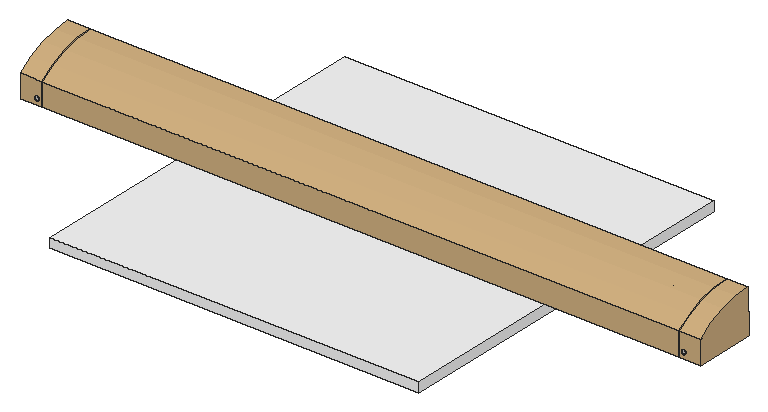
Revit family "BE_51258.4_de_DE", category Leuchten, Revit 2020
Family settings
  Basisbauteil = Fläche
  Bemaßung runder Anschluss = Durchmesser verwenden
  Teiletyp = Normal
  Beim Laden mit Abzugskörper schneiden = Ja
  Lichtquelle = Ja
  Gemeinsam genutzt = Nein
  Raumberechnungspunkt = Ja
Parameters (values of type "BEGA_51258.4_K3")
  Material_31 = BEGA_Oberfläche_Messing_matt
  Material_22 = BEGA_Oberfläche_Aluminium_matt
  built-in parameter 1150104 = 14.452 (stored number, unit not read)
  Wattage = 13.5 W
  Default Elevation = 0 mm
  built-in parameter 1150113 = 1 (stored number, unit not read)
  built-in parameter 1114218 = 1 (stored number, unit not read)
  Umgebungstemperatur = "25 °C"
  URL = "https://www.bega.com/de/produkt/51258.4"
  Typenkommentare = "© 2023 BEGA. Wir behalten uns das Recht vor, technische Änderungen ohne vorherige Ankündigung vorzunehmen."  # constant formula
  built-in parameter 1150134 = (empty or 0)
  built-in parameter 1150109 = 1 (stored number, unit not read)
  Strom = ""
  built-in parameter 1150110 = 1 (stored number, unit not read)
  Spannung = 239.996 V
  Sonderanfertigung = no
  Seriennummer [instance] = "Hier können Sie die eindeutige Seriennummer für das Facility Management eintragen."
  Schutzklasse = "I"
  Schutzart = "IP 20"
  Scheinlast = 0 VA
  Produktdatenblatt = "https://cdn.bega.com/bega/products/51258.4K3/current/documents/data-sheets/de"
  Neigungswinkel = 0.00°
  Modell = "51258.4K3"
  Material_14 = BEGA_Kunststoff_opal
  Material_06 = BEGA_Oberfläche_Edelstahl_gebürstet
  M_W = no
  M_G = no
  M_A = no
  Logo = 0
  built-in parameter 1114217 = 1 (stored number, unit not read)
  built-in parameter 1150139 = (empty or 0)
  built-in parameter 1150105 = 167.12 (stored number, unit not read)
  built-in parameter 1150114 = 1 (stored number, unit not read)
  Lumens = 2100.06 lm
  built-in parameter 1150115 = 1 (stored number, unit not read)
  Leuchtenlichtstrom = "1008 lm"
  Leuchtenanzahl = ""
  Lebensdauerkriterien = "L70B50 @ 25 °C = 180000 h"
  Lastklassifizierung = Beleuchtung
  built-in parameter 1150112 = 1 (stored number, unit not read)
  Lampenlichtstrom = "2100 lm"
  Lampe = "LED 13.5 W"
  LED_Modulbezeichnung = "LED-1319/930"
  Hersteller = "BEGA"  # constant formula
  Halbstreuwinkel = ""
  Gewicht = "2.0 kg"
  Frequenz = "0/50-60 Hz"
  Farbwiedergabeindex = "CRI > 90"
  Farbtemperaturverschiebung bei Dämpfen der Lampe = <Keine Auswahl>
  Farbtemperatur = "3000 K"
  Color Filter = 16777215
  built-in parameter 1150133 = 10 (stored number, unit not read)
  Energieeffizienzklasse = "LED A++ - A"
  built-in parameter 1150137 = (empty or 0)
  built-in parameter 1150132 = (empty or 0)
  Dimmbar [instance] = "DALI"
  Datei für fotometrisches Netz = "BE_51258-4K3.ies"
  CE_Konformität = "ja"
  Bestellnummer = "51258.4K3"
  Beschreibung_Sonderanfertigung = "Hier können Sie Informationen zur Sonderanfertigung eintragen."
  Beschreibung = "Wandleuchte"
  built-in parameter 1150106 = 1.6712 (stored number, unit not read)
  Befestigungsbohrung = "Ø 4,5 mm"
  Befestigungsabstand = "340 mm"
  BEGA_Intern_aus = yes
  BEGA_Intern_an = yes
  BEGA_Intern_Konstruktion = yes
  BEGA_Intern = yes
  BEGA_IES = yes
  BEGA_Dummy = no
  Anschlussleistung [instance] = "16.5 W"
  Anschlusskasten = ""
  built-in parameter 1150107 = 3000 (stored number, unit not read)
  built-in parameter 1150102 = (empty or 0)
  built-in parameter 1150138 = (empty or 0)
  Aktualisierung = "2023-02-27T04:00:04"
  AC/DC = "AC/DC"
Reference planes
  plane 1 "Mitte (Vorne/Hinten)": y = 0
  plane 2: z = 0
  plane 3 "Mitte (Links/Rechts)": x = 0
  plane 4 "Links": x = -368.5
  plane 5 "Rechts": x = 368.5
  plane 6 "Unten": y = -28.98
  plane 7 "Oben": y = 36.02
  plane 8 "Vorne": z = 48
  plane 9 "Hinten": z = 0
Forms (mm)
  Extrusion 1, solid, material "BEGA_Platte_Weiss"
    sketch origin (0, -1119.2, 0) x (1, 0, 0) y (0, 1, 0)
      loop
        line (-200, 1319.2) -> (-200, 919.2) -> (200, 919.2) -> (200, 1319.2) -> (-200, 1319.2)
    from 0 to -10
  Extrusion 2, solid, material "BEGA_Dummy_matt", visible <- "BEGA_Dummy"
    sketch origin (80.095, -76.023, 0) x (1, 0, 0) y (0, 1, 0)
      loop
        line (-448.595, 112.043) -> (-448.595, 47.043) -> (288.405, 47.043) -> (288.405, 112.043) -> (-448.595, 112.043)
    from 0 to 48
Dimensions and locks
  plane 1 "Mitte (Vorne/Hinten)" to Extrusion 1 = 200 mm
  aligned and locked: plane 2 to Extrusion 1
  aligned and locked: level to Extrusion 1
Nested families
  nested 1: "BE_51258.4_Leuchte" at (0, 0, 0), type "BE_51258.4_Leuchte"
Connectors
  electrical at (0, 0, 0), driven by "Lastklassifizierung", driven by "Spannung", driven by "Scheinlast"
    settings: index 1, voltage 239.996 V, apparent load 0 VA, apparent load phase1 0 VA, apparent load phase2 0 VA, apparent load phase3 0 VA, power factor 1, load classification "Beleuchtung", number of poles 1, system type 31, power factor state 1, is connector primary yes, connector utility no, sub classification motor no, connector description ""
Definition of nested family "BE_51258.4_Leuchte"
  Parameters (values of type "BE_51258.4_Leuchte")
    Material_31 = none
    Material_22 = none
    Default Elevation = 1 mm
    URL = "http://www.bega.de/de/produkt"
    Type Comments = "© 2015 BEGA. Wir behalten uns das Recht vor, technische Änderungen ohne vorherige Ankündigung vorzunehmen. "  # constant formula
    Type Image = (empty or 0)
    Material_14 = none
    Material_06 = none
    Länge_Platte = 800 mm  # constant formula
    Höhe_Platte = -10 mm  # constant formula
    Manufacturer = "BEGA"  # constant formula
    Breite_Platte = 200 mm  # constant formula
  Reference planes
    plane 1 "Mitte (Oben/Unten)": y = 0
    plane 2: z = 0
    plane 3 "Mitte (Links/Rechts)": x = 0
    plane 4: z = 48
    plane 5: y = -28.98
    plane 6: y = 36.02
    plane 7: z = 0
    plane 8: x = 368.5
    plane 9: x = -368.5
  Forms (mm)
    Extrusion 1, solid, detail levels medium
      sketch origin (0, 0, 0) x (1, 0, 0) y (0, 1, 0)
        loop
          line (-400, 100) -> (-400, -100) -> (400, -100) -> (400, 100) -> (-400, 100)
      from 0 to -10 <- "Höhe_Platte"
    Extrusion 2, solid, material <- "Material_22"
      sketch origin (0, 0, 0) x (0, 1, 0) y (0, 0, 1)
        loop
          line (-23.48, 4) -> (-25.98, 1.5) -> (-25.979, 0) -> (-22.981, 0) -> (-22.981, 1) -> (17.02, 1) -> (17.02, 0) -> (20.02, 0) -> (20.02, 1.5) -> (17.52, 4) -> (-23.48, 4)
      from -359 to 359
    Extrusion 3, void
      sketch origin (0, 0, 0) x (1, 0, 0) y (0, 1, 0)
        loop
          line (342.75, -0.729) -> (337.25, -0.729)
          arc (337.25, -0.729) -> (335, -2.979) -> (337.25, -5.229) r 2.25
          line (337.25, -5.229) -> (342.75, -5.229)
          arc (342.75, -5.229) -> (345, -2.979) -> (342.75, -0.729) r 2.25
        loop
          arc (318, -9.979) -> (325, -2.979) -> (318, 4.021) r 7
          line (318, 4.021) -> (267, 4.021)
          arc (267, 4.021) -> (260, -2.979) -> (267, -9.979) r 7
          line (267, -9.979) -> (318, -9.979)
        loop
          arc (238, -9.979) -> (245, -2.979) -> (238, 4.021) r 7
          line (238, 4.021) -> (187, 4.021)
          arc (187, 4.021) -> (180, -2.979) -> (187, -9.979) r 7
          line (187, -9.979) -> (238, -9.979)
        loop
          arc (158, -9.979) -> (165, -2.979) -> (158, 4.021) r 7
          line (158, 4.021) -> (107, 4.021)
          arc (107, 4.021) -> (100, -2.979) -> (107, -9.979) r 7
          line (107, -9.979) -> (158, -9.979)
        loop
          arc (78, -9.979) -> (85, -2.979) -> (78, 4.021) r 7
          line (78, 4.021) -> (27, 4.021)
          arc (27, 4.021) -> (20, -2.979) -> (27, -9.979) r 7
          line (27, -9.979) -> (78, -9.979)
        loop
          line (-2.75, -5.229) -> (2.75, -5.229)
          arc (2.75, -5.229) -> (5, -2.979) -> (2.75, -0.729) r 2.25
          line (2.75, -0.729) -> (-2.75, -0.729)
          arc (-2.75, -0.729) -> (-5, -2.979) -> (-2.75, -5.229) r 2.25
        loop
          arc (-27, -9.979) -> (-20, -2.979) -> (-27, 4.021) r 7
          line (-27, 4.021) -> (-78, 4.021)
          arc (-78, 4.021) -> (-85, -2.979) -> (-78, -9.979) r 7
          line (-78, -9.979) -> (-27, -9.979)
        loop
          line (-337.75, -5.729) -> (-337.75, -0.229)
          arc (-337.75, -0.229) -> (-340, 2.021) -> (-342.25, -0.229) r 2.25
          line (-342.25, -0.229) -> (-342.25, -5.729)
          arc (-342.25, -5.729) -> (-340, -7.979) -> (-337.75, -5.729) r 2.25
      from 1 to 4
    Extrusion 4, solid, material <- "Material_31"
      sketch origin (0, 0, 0) x (0, 1, 0) y (0, 0, 1)
        loop
          line (-28.98, 25.462) -> (-28.98, 0.283) -> (-27.697, 0.283) -> (-24.98, 3) -> (-24.98, 24.78) -> (-0.665, 30.842) -> (14.023, 10.627) -> (17.52, 4) -> (21.237, 0.283) -> (36.02, 0.283) -> (36.02, 8.159)
          arc (36.02, 8.159) -> (32.849, 8.078) -> (29.688, 8.332) r 29.876
          line (29.688, 8.332) -> (22.988, 3.481) -> (13.077, 17.032) -> (20.113, 22.144)
          arc (20.113, 22.144) -> (21.971, 28.1) -> (25.024, 33.54) r 29.876
          arc (25.024, 33.54) -> (30.138, 39.627) -> (36.02, 44.975) r 59.221
          line (36.02, 44.975) -> (36.02, 48)
          arc (36.02, 48) -> (1.622, 42.206) -> (-28.98, 25.462) r 105
      from -345 to 345
    Extrusion 5, solid, material <- "Material_31"
      sketch origin (0, 0, 0) x (0, 1, 0) y (0, 0, 1)
        loop
          arc (36.02, 48) -> (1.622, 42.206) -> (-28.98, 25.462) r 105
          line (-28.98, 25.462) -> (-28.98, 0.283) -> (36.02, 0.283) -> (36.02, 48)
      from -368.5 to -345
    Extrusion 6, solid, material <- "Material_31"
      sketch origin (0, 0, 0) x (0, 1, 0) y (0, 0, -1)
        loop
          line (36.02, -48) -> (36.02, -0.283) -> (-28.98, -0.283) -> (-28.98, -25.462)
          arc (-28.98, -25.462) -> (1.622, -42.206) -> (36.02, -48) r 105
      from -368.5 to -345
    Extrusion 7, void
      sketch origin (0, 0, 0) x (0, 1, 0) y (0, 0, 1)
        loop
          line (13.077, 17.032) -> (22.988, 3.481) -> (29.688, 8.332) -> (20.113, 22.144) -> (13.077, 17.032)
      from -363 to -332.2
    Extrusion 8, void
      sketch origin (0, 0, 0) x (0, 1, 0) y (0, 0, -1)
        loop
          line (13.077, -17.032) -> (20.113, -22.144) -> (29.688, -8.332) -> (22.988, -3.481) -> (13.077, -17.032)
      from -363 to -332.2
    Revolve 9, void
      sketch origin (345, 0, 0) x (0, 1, 0) y (0, 0, -1)
        loop
          line (25, -15.094) -> (47.906, -31.737) -> (56.823, -16.343)
          arc (56.823, -16.343) -> (49.92, -12.401) -> (42.55, -9.419) r 59.221
          arc (42.55, -9.419) -> (36.178, -8.172) -> (29.688, -8.332) r 29.876
          line (29.688, -8.332) -> (25, -15.094)
        axis (24.852, -14.987) -> (47.906, -31.737)
      angle from 0 to 360
    Revolve 10, void
      sketch origin (-345, 0, 0) x (0, 1, 0) y (0, 0, 1)
        loop
          line (25, 15.094) -> (29.688, 8.332)
          arc (29.688, 8.332) -> (36.178, 8.172) -> (42.55, 9.419) r 29.876
          arc (42.55, 9.419) -> (49.92, 12.401) -> (56.823, 16.343) r 59.221
          line (56.823, 16.343) -> (47.906, 31.737) -> (25, 15.094)
        axis (24.852, 14.987) -> (47.906, 31.737)
      angle from 0 to 360
    Extrusion 11, void
      sketch origin (0, 0, 0) x (0, 1, 0) y (0, 0, 1)
        loop
          line (21.237, 0.283) -> (17.52, 4) -> (-23.98, 4) -> (-27.697, 0.283) -> (21.237, 0.283)
      from 344.989 to 362.705
    Extrusion 12, void
      sketch origin (0, 0, 0) x (0, 1, 0) y (0, 0, -1)
        loop
          line (21.237, -0.283) -> (-27.697, -0.283) -> (-23.98, -4) -> (17.52, -4) -> (21.237, -0.283)
      from 344.989 to 362.705
    Extrusion 13, solid, material <- "Material_14"
      sketch origin (0, 0, 0) x (0, 1, 0) y (0, 0, 1)
        loop
          line (22.072, 23.197) -> (18.907, 20.897) -> (19.597, 19.894) -> (15.674, 16.861) -> (16.775, 15.345) -> (20.419, 17.855)
          arc (20.419, 17.855) -> (20.836, 18.263) -> (21.117, 18.774) r 2
          arc (21.117, 18.774) -> (31.768, 20.229) -> (27.093, 10.549) r 6.1
          arc (27.093, 10.549) -> (26.52, 10.439) -> (26.003, 10.169) r 2
          line (26.003, 10.169) -> (22.425, 7.569) -> (23.601, 5.951) -> (27.646, 8.89) -> (28.439, 7.798) -> (31.588, 10.086)
          arc (31.588, 10.086) -> (33.388, 21.402) -> (22.072, 23.197) r 8.1
      from -363 to 363
    Extrusion 14, void
      sketch origin (0, 0, 0) x (1, 0, 0) y (0, 0, 1)
        loop
          circle (-350.5, 7) r 2.2
        loop
          circle (350.5, 7) r 2.2
      from 17.033 to 28.98
    Extrusion 15, solid, material <- "Material_06"
      sketch origin (0, 0, 0) x (1, 0, 0) y (0, 0, 1)
        loop
          circle (350.5, 7) r 2.2
        loop
          circle (-350.5, 7) r 2.2
      from 17.785 to 28.98
  Cuts and joins
    Extrusion 3 cuts Extrusion 2
    Extrusion 7, Extrusion 8, Extrusion 11 cuts Extrusion 4
    Extrusion 7, Extrusion 8, Revolve 10, Extrusion 12, Extrusion 14 cuts Extrusion 5
    Extrusion 8, Revolve 9, Revolve 10, Extrusion 11, Extrusion 12, Extrusion 14 cuts Extrusion 6
  Dimensions and locks
    equal spacing: Extrusion 1 sketch curve, plane 3 "Mitte (Links/Rechts)", Extrusion 1 sketch curve
    equal spacing: Extrusion 1 sketch curve, plane 1 "Mitte (Oben/Unten)", Extrusion 1 sketch curve
    "Länge_Platte": Extrusion 1 sketch curve to Extrusion 1 sketch curve
    "Breite_Platte": Extrusion 1 sketch curve to Extrusion 1 sketch curve
    plane 1 "Mitte (Oben/Unten)" to Extrusion 1 = 100 mm  (x3)
    aligned and locked: Extrusion 1 to plane 2
    aligned and locked: Extrusion 1 to level
  Automatic sketch dimensions
    Extrusion 2 sketch curve to level = 0 mm  (x2)
    level to Extrusion 2 sketch curve = 1.5 mm  (x2)
    plane 1 "Mitte (Oben/Unten)" to Extrusion 2 sketch curve = 25.98 mm
    Extrusion 2 sketch curve to Extrusion 2 sketch curve = 0.001 mm
    Extrusion 2 sketch curve to Extrusion 2 sketch curve = 2.5 mm
    Extrusion 2 sketch curve to Extrusion 2 sketch curve = 2.998 mm
    level to Extrusion 2 sketch curve = 1 mm
    Extrusion 2 sketch curve to plane 1 "Mitte (Oben/Unten)" = 17.02 mm
    Extrusion 2 sketch curve to Extrusion 2 sketch curve = 0 mm  (x2)
    level to Extrusion 2 sketch curve = 4 mm
    Extrusion 2 sketch curve to Extrusion 2 sketch curve = 0.5 mm
    Extrusion 2 sketch curve to Extrusion 2 sketch curve = 3 mm
    plane 1 "Mitte (Oben/Unten)" to Extrusion 3 sketch curve = 0.229 mm
    Extrusion 3 sketch curve to plane 3 "Mitte (Links/Rechts)" = 342.25 mm
    Extrusion 3 sketch curve to Extrusion 3 sketch curve = 2.25 mm  (x3)
    plane 1 "Mitte (Oben/Unten)" to Extrusion 3 sketch curve = 2.979 mm  (x6)
    Extrusion 3 sketch curve to plane 3 "Mitte (Links/Rechts)" = 78 mm
    plane 1 "Mitte (Oben/Unten)" to Extrusion 3 sketch curve = 9.979 mm  (x2)
    Extrusion 3 sketch curve to plane 3 "Mitte (Links/Rechts)" = 27 mm
    Extrusion 3 sketch curve to plane 3 "Mitte (Links/Rechts)" = 2.75 mm
    plane 3 "Mitte (Links/Rechts)" to Extrusion 3 sketch curve = 2.75 mm
    Extrusion 3 sketch curve to Extrusion 3 sketch curve = 24.25 mm
    Extrusion 3 sketch curve to Extrusion 3 sketch curve = 51 mm  (x4)
    Extrusion 3 sketch curve to Extrusion 3 sketch curve = 29 mm  (x3)
    Extrusion 3 sketch curve to plane 1 "Mitte (Oben/Unten)" = 4.021 mm  (x3)
    Extrusion 3 sketch curve to Extrusion 3 sketch curve = 19.25 mm
    Extrusion 3 sketch curve to Extrusion 3 sketch curve = 5.5 mm  (x2)
    plane 1 "Mitte (Oben/Unten)" to Extrusion 3 sketch curve = 5.229 mm
    level to Extrusion 4 sketch curve = 0.283 mm  (x2)
    plane 1 "Mitte (Oben/Unten)" to Extrusion 4 sketch curve = 28.98 mm
    Extrusion 4 sketch curve to Extrusion 4 sketch curve = 1.283 mm
    Extrusion 4 sketch curve to Extrusion 4 sketch curve = 4 mm
    plane 1 "Mitte (Oben/Unten)" to Extrusion 4 sketch curve = 0.665 mm
    Extrusion 4 sketch curve to plane 1 "Mitte (Oben/Unten)" = 13.077 mm
    Extrusion 4 sketch curve to Extrusion 4 sketch curve = 0.947 mm
    level to Extrusion 4 sketch curve = 4 mm
    Extrusion 4 sketch curve to Extrusion 4 sketch curve = 3.497 mm
    Extrusion 4 sketch curve to Extrusion 4 sketch curve = 7.037 mm
    Extrusion 4 sketch curve to Extrusion 4 sketch curve = 3.717 mm
    level to Extrusion 4 sketch curve = 3.481 mm
    Extrusion 4 sketch curve to Extrusion 4 sketch curve = 1.75 mm
    level to Extrusion 4 sketch curve = 8.332 mm
    Extrusion 4 sketch curve to Extrusion 4 sketch curve = 6.7 mm
    Extrusion 4 sketch curve to Extrusion 4 sketch curve = 13.551 mm
    Extrusion 4 sketch curve to plane 1 "Mitte (Oben/Unten)" = 36.02 mm
    Extrusion 4 sketch curve to Extrusion 4 sketch curve = 6.332 mm
    Extrusion 4 sketch curve to Extrusion 4 sketch curve = 13.387 mm
    Extrusion 4 sketch curve to level = 1.42 mm
    Extrusion 4 sketch curve to Extrusion 4 sketch curve = 23.42 mm
    Extrusion 4 sketch curve to level = 57 mm
    level to Extrusion 4 sketch curve = 3 mm
    Extrusion 4 sketch curve to Extrusion 4 sketch curve = 0.173 mm
    Extrusion 4 sketch curve to Extrusion 4 sketch curve = 6.627 mm
    Extrusion 4 sketch curve to Extrusion 4 sketch curve = 8.116 mm
    Extrusion 4 sketch curve to Extrusion 4 sketch curve = 6.405 mm
    Extrusion 4 sketch curve to Extrusion 4 sketch curve = 5.113 mm
    Extrusion 4 sketch curve to Extrusion 4 sketch curve = 21.78 mm
    Extrusion 4 sketch curve to Extrusion 4 sketch curve = 0.682 mm
    Extrusion 4 sketch curve to Extrusion 4 sketch curve = 13.811 mm
    Extrusion 4 sketch curve to Extrusion 4 sketch curve = 3.025 mm
    level to Extrusion 5 sketch curve = 0.283 mm
    plane 1 "Mitte (Oben/Unten)" to Extrusion 5 sketch curve = 28.98 mm
    Extrusion 5 sketch curve to plane 1 "Mitte (Oben/Unten)" = 36.02 mm
    Extrusion 5 sketch curve to level = 57 mm
    Extrusion 5 sketch curve to Extrusion 5 sketch curve = 25.179 mm
    level to Extrusion 6 sketch curve = 0.283 mm
    plane 1 "Mitte (Oben/Unten)" to Extrusion 6 sketch curve = 28.98 mm
    Extrusion 6 sketch curve to plane 1 "Mitte (Oben/Unten)" = 36.02 mm
    Extrusion 6 sketch curve to Extrusion 6 sketch curve = 25.179 mm
    Extrusion 6 sketch curve to Extrusion 6 sketch curve = 47.717 mm
    Extrusion 7 sketch curve to plane 1 "Mitte (Oben/Unten)" = 13.077 mm
    Extrusion 7 sketch curve to Extrusion 7 sketch curve = 7.037 mm
    level to Extrusion 7 sketch curve = 3.481 mm
    Extrusion 7 sketch curve to Extrusion 7 sketch curve = 9.911 mm
    level to Extrusion 7 sketch curve = 8.332 mm
    Extrusion 7 sketch curve to Extrusion 7 sketch curve = 6.7 mm
    Extrusion 7 sketch curve to Extrusion 7 sketch curve = 13.55 mm
    Extrusion 7 sketch curve to Extrusion 7 sketch curve = 5.113 mm
    Extrusion 8 sketch curve to plane 1 "Mitte (Oben/Unten)" = 13.077 mm
    Extrusion 8 sketch curve to Extrusion 8 sketch curve = 7.037 mm
    level to Extrusion 8 sketch curve = 3.481 mm
    Extrusion 8 sketch curve to Extrusion 8 sketch curve = 9.911 mm
    level to Extrusion 8 sketch curve = 8.332 mm
    Extrusion 8 sketch curve to Extrusion 8 sketch curve = 6.7 mm
    Extrusion 8 sketch curve to Extrusion 8 sketch curve = 13.55 mm
    Extrusion 8 sketch curve to Extrusion 8 sketch curve = 5.113 mm
    Revolve 9 sketch curve to Extrusion 6 = 11.949 mm
    Revolve 9 sketch curve to Extrusion 6 = 11.02 mm
    Revolve 9 sketch curve to Extrusion 6 = 6.332 mm
    Revolve 9 sketch curve to Extrusion 6 = 2.356 mm
    Extrusion 6 to Revolve 9 sketch curve = 11.886 mm
    Revolve 9 sketch curve to Revolve 9 sketch curve = 8.918 mm
    Revolve 9 sketch curve to Extrusion 6 = 65.4 mm
    Revolve 9 sketch curve to Revolve 9 sketch curve = 27.741 mm
    Revolve 9 sketch curve to Revolve 9 sketch curve = 6.205 mm
    Revolve 9 sketch curve to Extrusion 6 = 16.06 mm
    Revolve 9 sketch curve to Extrusion 6 = 14.812 mm
    Revolve 9 sketch curve to Extrusion 6 = 8.05 mm
    Revolve 9 sketch curve to Revolve 9 sketch curve = 0 mm  (x4)
    Revolve 10 sketch curve to plane 1 "Mitte (Oben/Unten)" = 24.071 mm
    Revolve 10 sketch curve to plane 1 "Mitte (Oben/Unten)" = 25 mm
    level to Revolve 10 sketch curve = 8.332 mm
    Revolve 10 sketch curve to Revolve 10 sketch curve = 4.688 mm
    Revolve 10 sketch curve to Revolve 10 sketch curve = 8.664 mm
    Revolve 10 sketch curve to Revolve 10 sketch curve = 14.242 mm
    level to Revolve 10 sketch curve = 16.343 mm
    Revolve 10 sketch curve to Revolve 10 sketch curve = 8.918 mm
    Revolve 10 sketch curve to Revolve 10 sketch curve = 6.762 mm
    Revolve 10 sketch curve to Revolve 10 sketch curve = 15.394 mm
    Revolve 10 sketch curve to Revolve 10 sketch curve = 6.205 mm
    Revolve 10 sketch curve to Revolve 10 sketch curve = 27.741 mm
    Revolve 10 sketch curve to Revolve 10 sketch curve = 0 mm  (x4)
    level to Extrusion 11 sketch curve = 0.283 mm
    plane 1 "Mitte (Oben/Unten)" to Extrusion 11 sketch curve = 27.697 mm
    Extrusion 11 sketch curve to Extrusion 11 sketch curve = 3.717 mm  (x2)
    level to Extrusion 11 sketch curve = 4 mm
    Extrusion 11 sketch curve to plane 1 "Mitte (Oben/Unten)" = 17.52 mm
    level to Extrusion 12 sketch curve = 0.283 mm
    plane 1 "Mitte (Oben/Unten)" to Extrusion 12 sketch curve = 27.697 mm
    Extrusion 12 sketch curve to Extrusion 12 sketch curve = 3.717 mm  (x2)
    level to Extrusion 12 sketch curve = 4 mm
    Extrusion 12 sketch curve to plane 1 "Mitte (Oben/Unten)" = 17.52 mm
    Extrusion 13 sketch curve to Extrusion 13 sketch curve = 0 mm  (x7)
    Extrusion 13 sketch curve to plane 1 "Mitte (Oben/Unten)" = 15.674 mm
    Extrusion 13 sketch curve to Extrusion 13 sketch curve = 3.233 mm
    Extrusion 13 sketch curve to Extrusion 13 sketch curve = 0.336 mm
    Extrusion 13 sketch curve to Extrusion 13 sketch curve = 0.354 mm
    level to Extrusion 13 sketch curve = 7.569 mm
    Extrusion 13 sketch curve to Extrusion 13 sketch curve = 6.751 mm
    level to Extrusion 13 sketch curve = 5.951 mm
    Extrusion 13 sketch curve to Extrusion 13 sketch curve = 1.176 mm  (x3)
    level to Extrusion 13 sketch curve = 10.169 mm
    Extrusion 13 sketch curve to Extrusion 13 sketch curve = 0.83 mm
    level to Extrusion 13 sketch curve = 8.89 mm
    Extrusion 13 sketch curve to Extrusion 13 sketch curve = 0.467 mm
    level to Extrusion 13 sketch curve = 7.798 mm
    Extrusion 13 sketch curve to Extrusion 13 sketch curve = 0.794 mm
    level to Extrusion 13 sketch curve = 10.086 mm
    Extrusion 13 sketch curve to Extrusion 13 sketch curve = 3.149 mm
    Extrusion 13 sketch curve to Extrusion 13 sketch curve = 0.339 mm
    Extrusion 13 sketch curve to Extrusion 13 sketch curve = 6.475 mm
    Extrusion 13 sketch curve to Extrusion 13 sketch curve = 0.217 mm
    Extrusion 13 sketch curve to Extrusion 13 sketch curve = 2.612 mm
    Extrusion 13 sketch curve to Extrusion 13 sketch curve = 0.421 mm
    Extrusion 13 sketch curve to Extrusion 13 sketch curve = 1.003 mm
    Extrusion 13 sketch curve to Extrusion 13 sketch curve = 1.101 mm
    Extrusion 13 sketch curve to Extrusion 13 sketch curve = 0.698 mm
    Extrusion 13 sketch curve to Extrusion 13 sketch curve = 3.165 mm
    Extrusion 13 sketch curve to Extrusion 13 sketch curve = 1.09 mm
    Extrusion 13 sketch curve to Extrusion 13 sketch curve = 1.516 mm
    Extrusion 13 sketch curve to Extrusion 13 sketch curve = 0.92 mm
    level to Extrusion 15 sketch curve = 7 mm  (x2)
    Extrusion 15 sketch curve to plane 3 "Mitte (Links/Rechts)" = 350.5 mm
    plane 3 "Mitte (Links/Rechts)" to Extrusion 15 sketch curve = 350.5 mm
    radius of Extrusion 15 sketch curve = 2.2 mm  (x2)
